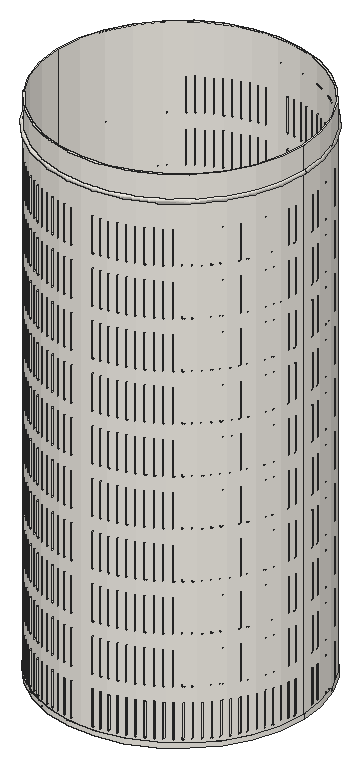
Revit family "Air Terminals_IQA", category Air Terminals, Revit 2017
Family settings
  Round Connector Dimension = Use Diameter
  Part Type = Normal
  Work Plane-Based = No
  Always vertical = Yes
  Cut with Voids When Loaded = No
  Shared = No
  Room Calculation Point = No
Parameters (values of type "IQA_DN 630")
  ∆p (Pa) = if(DN = 1, "12/27/56", if(DN = 2, "14/30/58", if(DN = 3, "14/31/61", if(DN = 4, "15/32/62", if(DN = 5, "14/31/63", if(DN = 6, "14/32/63", if(DN = 7, "13/31/63", "13/31/65")))))))  # "13/31/65"
  Void 9 = yes
  Void 8 = yes
  Void 10 = yes
  Maß ØD = if(DN = 1, 248.0 mm, if(DN = 2, 313.0 mm, if(DN = 3, 353.0 mm, if(DN = 4, 398.0 mm, if(DN = 5, 448.0 mm, if(DN = 6, 498.0 mm, if(DN = 7, 558.0 mm, 628.0 mm)))))))  # 628.0 mm
  Vo (m3/h) = if(DN = 1, "620/930/1350", if(DN = 2, "1050/1550/2150", if(DN = 3, "1350/2000/2800", if(DN = 4, "1700/2500/3500", if(DN = 5, "2100/3100/4400", if(DN = 6, "2650/4000/5600", if(DN = 7, "3300/5000/7100", "4100/6400/9200")))))))  # "4100/6400/9200"
  Void 7 = yes
  vert. Eindringt. ymax (m) = if(DN = 1, "3.5/4.9/6.6", if(DN = 2, "4.7/6.5/8.6", if(DN = 3, "5.5/7.5/9.9", if(DN = 4, "6.3/8.6/11.4", if(DN = 5, "7.0/9.7/13.0", if(DN = 6, "7.9/11.0/14.6", if(DN = 7, "8.8/12.3/16.5", "9.7/14.0/18.9")))))))  # "9.7/14.0/18.9"
  Min Flow = 0.0 L/s
  Maß A = if(DN = 1, 841.5 mm, if(DN = 2, 841.5 mm, if(DN = 3, 1027.5 mm, if(DN = 4, 1027.5 mm, if(DN = 5, 1027.5 mm, if(DN = 6, 1306.5 mm, if(DN = 7, 1306.5 mm, 1306.5 mm)))))))  # 1306.5 mm
  Max Flow = 0.0 L/s
  Material [instance] = "Aluminium"  # constant formula
  Masse (kg) = "0"
  Lwa (dB(A)) = if(DN = 1, "35/45/55", if(DN = 2, "35/45/55", if(DN = 3, "35/45/55", if(DN = 4, "35/45/55", if(DN = 5, "35/45/55", if(DN = 6, "35/45/55", if(DN = 7, "35/45/55", "35/45/55")))))))  # "35/45/55"
  hori. Wurfw. xhor (m) = if(DN = 1, "0.8/0.9/1.1", if(DN = 2, "1.3/1.6/1.8", if(DN = 3, "1.7/2.0/2.3", if(DN = 4, "2.3/2.6/3.0", if(DN = 5, "2.9/3.4/3.9", if(DN = 6, "3.6/4.3/4.9", if(DN = 7, "4.6/5.4/6.2", "5.8/6.9/8.0")))))))  # "5.8/6.9/8.0"
  H_Assembly = if(DN = 1, 540.0 mm, if(DN = 2, 540.0 mm, if(DN = 3, 660.0 mm, if(DN = 4, 660.0 mm, if(DN = 5, 660.0 mm, if(DN = 6, 900.0 mm, if(DN = 7, 900.0 mm, 900.0 mm)))))))  # 900.0 mm
  DN = 8
  Color [instance] = RAL 9010
  Array radial = 24
Reference planes
  plane 1 "Center (Front/Back)": y = 0
  plane 2: z = 0
  plane 3 "Center (Left/Right)": x = 0
  plane 4: z = 1306.5
Dimensions and locks
  "Maß A": plane 4 to level
Nested families
  nested 1: "Void 1" at (0, 0, 0), type "Void 1", detail levels fine
    with Maß ØD-4 622.0 mm, Maß ØD 628.0 mm, Maß A 1306.5 mm, Array radial 24
  nested 2: "Void 2" at (0, 0, 0), type "Void 2", detail levels fine
    with Maß A 1306.5 mm
  nested 3: "Void 3" at (0, 0, 0), type "Void 3", detail levels fine
    with Maß A 1306.5 mm
  nested 4: "Void 4" at (0, 0, 0), type "Void 4", detail levels fine
    with Maß ØD-4 622.0 mm, Maß ØD 628.0 mm, Maß A 1306.5 mm, Array radial 24
  nested 5: "Void 5" at (0, 0, 0), type "Void 5", detail levels fine
    with Maß ØD-4 622.0 mm, Maß ØD 628.0 mm, Maß A 1306.5 mm, Array radial 24
  nested 6: "Void 6" at (0, 0, 0), type "Void 6", detail levels fine
    with Maß ØD-4 622.0 mm, Maß ØD 628.0 mm, Maß A 1306.5 mm, Array radial 24
  nested 7: "Void 7" at (0, 0, 0), visible <- "Void 7", type "Void 7"
    with Void 7 yes, Maß ØD-4 622.0 mm, Maß ØD 628.0 mm, Maß A 1306.5 mm, Array radial 24
  nested 8: "Void 8" at (0, 0, 0), visible <- "Void 8", type "Void 8"
    with Void 8 yes, Maß ØD-4 622.0 mm, Maß ØD 628.0 mm, Maß A 1306.5 mm, Array radial 24
  nested 9: "L_up_down" at (0, 0, 0), type "L_up_down", detail levels fine
    with Maß ØD 628.0 mm, Maß A 1306.5 mm
  nested 10: "C_center" at (0, 0, 0), type "C_center", detail levels fine
    with Maß ØD-6 622.0 mm, Maß ØD 628.0 mm, Maß A 1306.5 mm
  nested 11: "Medium_1" at (0, 0, 0), type "Medium_1", detail levels coarse+medium
    with Maß ØD-4 622.0 mm, Maß ØD 628.0 mm, Maß A 1306.5 mm
  nested 12: "Void 9" at (0, 0, 0), visible <- "Void 9", type "Void 9"
    with Void 9 yes, Maß ØD-4 622.0 mm, Maß ØD 628.0 mm, Array radial 24
  nested 13: "Void 10" at (0, 0, 0), visible <- "Void 10", type "Void 10"
    with Void 10 yes, Maß ØD-4 622.0 mm, Maß ØD 628.0 mm, Array radial 24
  nested 14: "Assembly up" at (0, 0, 0), type "Assembly up"
    with d 900.0 mm, Maß ØD+6 634.0 mm, Maß ØD 628.0 mm, Maß A 1306.5 mm
Connectors
  hvac at (0, 0, 1306.5), driven by "Maß ØD"
    settings: on nested 1, index 1, duct flow 0.0 L/s, flow factor 0, pres drop 0.0 Pa, loss coef 0, conn angle 0.00°, conn width 304.8 mm, conn height 304.8 mm, conn diameter 628 mm, duct sys type 1, conn prof type 0, flow config 1, flow direction 1, loss method 0, conn ref index -1, conn util no, is conn primary yes, conn desc ""
Definition of nested family "Void 1"
  Parameters (values of type "Void 1")
    Maß ØD-4 = Maß ØD - 6.0 mm  # 242.0 mm
    Maß ØD = 248.0 mm
    Maß A = 1059.5 mm
    Array radial = 14
  Reference planes
    plane 1 "Center (Front/Back)": y = 0
    plane 2: z = 0
    plane 3 "Center (Left/Right)": x = 0
    plane 4: z = 1059.5
  Forms (mm)
    Extrusion 1, solid
      sketch origin (0, 0, 0) x (1, 0, 0) y (0, 1, 0)
        loop
          circle (0, 0) r 124
        loop
          circle (0, 0) r 121
      from 0 to 1059.5
    Extrusion 2, void
      sketch origin (0, -0.004, 0) x (0.996195, -0.087156, 0) y (0, 0, 1)
        loop
          arc (2.5, 100) -> (0, 102.5) -> (-2.5, 100) r 2.5
          line (-2.5, 100) -> (-2.5, 20)
          arc (-2.5, 20) -> (0, 17.5) -> (2.5, 20) r 2.5
          line (2.5, 20) -> (2.5, 100)
      from -319.154 to 326.21
    Extrusion 3, void
      sketch origin (-0.004, 0, 0) x (0.087156, -0.996195, 0) y (0, 0, 1)
        loop
          arc (2.5, 100) -> (0, 102.5) -> (-2.5, 100) r 2.5
          line (-2.5, 100) -> (-2.5, 20)
          arc (-2.5, 20) -> (0, 17.5) -> (2.5, 20) r 2.5
          line (2.5, 20) -> (2.5, 100)
      from -319.154 to 326.21
    Extrusion 4, void
      sketch origin (-0.001, -0.004, 0) x (0.981111, -0.193444, 0) y (0, 0, 1)
        loop
          arc (2.5, 100) -> (0, 102.5) -> (-2.5, 100) r 2.5
          line (-2.5, 100) -> (-2.5, 20)
          arc (-2.5, 20) -> (0, 17.5) -> (2.5, 20) r 2.5
          line (2.5, 20) -> (2.5, 100)
      from -319.154 to 326.21
    Extrusion 5, void
      sketch origin (-0.001, -0.004, 0) x (0.954721, -0.297503, 0) y (0, 0, 1)
        loop
          arc (2.5, 100) -> (0, 102.5) -> (-2.5, 100) r 2.5
          line (-2.5, 100) -> (-2.5, 20)
          arc (-2.5, 20) -> (0, 17.5) -> (2.5, 20) r 2.5
          line (2.5, 20) -> (2.5, 100)
      from -319.154 to 326.21
    Extrusion 6, void
      sketch origin (-0.002, -0.004, 0) x (0.917328, -0.398133, 0) y (0, 0, 1)
        loop
          arc (2.5, 100) -> (0, 102.5) -> (-2.5, 100) r 2.5
          line (-2.5, 100) -> (-2.5, 20)
          arc (-2.5, 20) -> (0, 17.5) -> (2.5, 20) r 2.5
          line (2.5, 20) -> (2.5, 100)
      from -319.154 to 326.21
    Extrusion 7, void
      sketch origin (-0.002, -0.004, 0) x (0.869362, -0.494175, 0) y (0, 0, 1)
        loop
          arc (2.5, 100) -> (0, 102.5) -> (-2.5, 100) r 2.5
          line (-2.5, 100) -> (-2.5, 20)
          arc (-2.5, 20) -> (0, 17.5) -> (2.5, 20) r 2.5
          line (2.5, 20) -> (2.5, 100)
      from -319.154 to 326.21
    Extrusion 8, void
      sketch origin (-0.002, -0.003, 0) x (0.811378, -0.584522, 0) y (0, 0, 1)
        loop
          arc (2.5, 100) -> (0, 102.5) -> (-2.5, 100) r 2.5
          line (-2.5, 100) -> (-2.5, 20)
          arc (-2.5, 20) -> (0, 17.5) -> (2.5, 20) r 2.5
          line (2.5, 20) -> (2.5, 100)
      from -319.154 to 326.21
    Extrusion 9, void
      sketch origin (-0.003, -0.003, 0) x (0.744043, -0.668132, 0) y (0, 0, 1)
        loop
          arc (2.5, 100) -> (0, 102.5) -> (-2.5, 100) r 2.5
          line (-2.5, 100) -> (-2.5, 20)
          arc (-2.5, 20) -> (0, 17.5) -> (2.5, 20) r 2.5
          line (2.5, 20) -> (2.5, 100)
      from -319.154 to 326.21
    Extrusion 10, void
      sketch origin (-0.003, -0.003, 0) x (0.668132, -0.744043, 0) y (0, 0, 1)
        loop
          arc (2.5, 100) -> (0, 102.5) -> (-2.5, 100) r 2.5
          line (-2.5, 100) -> (-2.5, 20)
          arc (-2.5, 20) -> (0, 17.5) -> (2.5, 20) r 2.5
          line (2.5, 20) -> (2.5, 100)
      from -319.154 to 326.21
    Extrusion 11, void
      sketch origin (-0.003, -0.002, 0) x (0.584522, -0.811378, 0) y (0, 0, 1)
        loop
          arc (2.5, 100) -> (0, 102.5) -> (-2.5, 100) r 2.5
          line (-2.5, 100) -> (-2.5, 20)
          arc (-2.5, 20) -> (0, 17.5) -> (2.5, 20) r 2.5
          line (2.5, 20) -> (2.5, 100)
      from -319.154 to 326.21
    Extrusion 12, void
      sketch origin (-0.004, -0.002, 0) x (0.494175, -0.869362, 0) y (0, 0, 1)
        loop
          arc (2.5, 100) -> (0, 102.5) -> (-2.5, 100) r 2.5
          line (-2.5, 100) -> (-2.5, 20)
          arc (-2.5, 20) -> (0, 17.5) -> (2.5, 20) r 2.5
          line (2.5, 20) -> (2.5, 100)
      from -319.154 to 326.21
    Extrusion 13, void
      sketch origin (-0.004, -0.002, 0) x (0.398133, -0.917328, 0) y (0, 0, 1)
        loop
          arc (2.5, 100) -> (0, 102.5) -> (-2.5, 100) r 2.5
          line (-2.5, 100) -> (-2.5, 20)
          arc (-2.5, 20) -> (0, 17.5) -> (2.5, 20) r 2.5
          line (2.5, 20) -> (2.5, 100)
      from -319.154 to 326.21
    Extrusion 14, void
      sketch origin (-0.004, -0.001, 0) x (0.297503, -0.954721, 0) y (0, 0, 1)
        loop
          arc (2.5, 100) -> (0, 102.5) -> (-2.5, 100) r 2.5
          line (-2.5, 100) -> (-2.5, 20)
          arc (-2.5, 20) -> (0, 17.5) -> (2.5, 20) r 2.5
          line (2.5, 20) -> (2.5, 100)
      from -319.154 to 326.21
    Extrusion 15, void
      sketch origin (-0.004, -0.001, 0) x (0.193444, -0.981111, 0) y (0, 0, 1)
        loop
          arc (2.5, 100) -> (0, 102.5) -> (-2.5, 100) r 2.5
          line (-2.5, 100) -> (-2.5, 20)
          arc (-2.5, 20) -> (0, 17.5) -> (2.5, 20) r 2.5
          line (2.5, 20) -> (2.5, 100)
      from -319.154 to 326.21
    Extrusion 16, void, not visible
      sketch origin (0, -0.004, 0) x (0.996195, -0.087156, 0) y (0, 0, 1)
        loop
          arc (2.5, 100) -> (0, 102.5) -> (-2.5, 100) r 2.5
          line (-2.5, 100) -> (-2.5, 20)
          arc (-2.5, 20) -> (0, 17.5) -> (2.5, 20) r 2.5
          line (2.5, 20) -> (2.5, 100)
      from -319.154 to 326.21
    Extrusion 17, void
      sketch origin (0, -0.004, 0) x (0.996195, 0.087156, 0) y (0, 0, 1)
        loop
          arc (2.5, 100) -> (0, 102.5) -> (-2.5, 100) r 2.5
          line (-2.5, 100) -> (-2.5, 20)
          arc (-2.5, 20) -> (0, 17.5) -> (2.5, 20) r 2.5
          line (2.5, 20) -> (2.5, 100)
      from -319.154 to 326.21
    Extrusion 18, void
      sketch origin (0.004, 0, 0) x (0.087156, 0.996195, 0) y (0, 0, 1)
        loop
          arc (2.5, 100) -> (0, 102.5) -> (-2.5, 100) r 2.5
          line (-2.5, 100) -> (-2.5, 20)
          arc (-2.5, 20) -> (0, 17.5) -> (2.5, 20) r 2.5
          line (2.5, 20) -> (2.5, 100)
      from -319.154 to 326.21
    Extrusion 19, void
      sketch origin (0.001, -0.004, 0) x (0.981111, 0.193444, 0) y (0, 0, 1)
        loop
          arc (2.5, 100) -> (0, 102.5) -> (-2.5, 100) r 2.5
          line (-2.5, 100) -> (-2.5, 20)
          arc (-2.5, 20) -> (0, 17.5) -> (2.5, 20) r 2.5
          line (2.5, 20) -> (2.5, 100)
      from -319.154 to 326.21
    Extrusion 20, void
      sketch origin (0.001, -0.004, 0) x (0.954721, 0.297503, 0) y (0, 0, 1)
        loop
          arc (2.5, 100) -> (0, 102.5) -> (-2.5, 100) r 2.5
          line (-2.5, 100) -> (-2.5, 20)
          arc (-2.5, 20) -> (0, 17.5) -> (2.5, 20) r 2.5
          line (2.5, 20) -> (2.5, 100)
      from -319.154 to 326.21
    Extrusion 21, void
      sketch origin (0.002, -0.004, 0) x (0.917328, 0.398133, 0) y (0, 0, 1)
        loop
          arc (2.5, 100) -> (0, 102.5) -> (-2.5, 100) r 2.5
          line (-2.5, 100) -> (-2.5, 20)
          arc (-2.5, 20) -> (0, 17.5) -> (2.5, 20) r 2.5
          line (2.5, 20) -> (2.5, 100)
      from -319.154 to 326.21
    Extrusion 22, void
      sketch origin (0.002, -0.004, 0) x (0.869362, 0.494175, 0) y (0, 0, 1)
        loop
          arc (2.5, 100) -> (0, 102.5) -> (-2.5, 100) r 2.5
          line (-2.5, 100) -> (-2.5, 20)
          arc (-2.5, 20) -> (0, 17.5) -> (2.5, 20) r 2.5
          line (2.5, 20) -> (2.5, 100)
      from -319.154 to 326.21
    Extrusion 23, void
      sketch origin (0.002, -0.003, 0) x (0.811378, 0.584522, 0) y (0, 0, 1)
        loop
          arc (2.5, 100) -> (0, 102.5) -> (-2.5, 100) r 2.5
          line (-2.5, 100) -> (-2.5, 20)
          arc (-2.5, 20) -> (0, 17.5) -> (2.5, 20) r 2.5
          line (2.5, 20) -> (2.5, 100)
      from -319.154 to 326.21
    Extrusion 24, void
      sketch origin (0.003, -0.003, 0) x (0.744043, 0.668132, 0) y (0, 0, 1)
        loop
          arc (2.5, 100) -> (0, 102.5) -> (-2.5, 100) r 2.5
          line (-2.5, 100) -> (-2.5, 20)
          arc (-2.5, 20) -> (0, 17.5) -> (2.5, 20) r 2.5
          line (2.5, 20) -> (2.5, 100)
      from -319.154 to 326.21
    Extrusion 25, void
      sketch origin (0.003, -0.003, 0) x (0.668132, 0.744043, 0) y (0, 0, 1)
        loop
          arc (2.5, 100) -> (0, 102.5) -> (-2.5, 100) r 2.5
          line (-2.5, 100) -> (-2.5, 20)
          arc (-2.5, 20) -> (0, 17.5) -> (2.5, 20) r 2.5
          line (2.5, 20) -> (2.5, 100)
      from -319.154 to 326.21
    Extrusion 26, void
      sketch origin (0.003, -0.002, 0) x (0.584522, 0.811378, 0) y (0, 0, 1)
        loop
          arc (2.5, 100) -> (0, 102.5) -> (-2.5, 100) r 2.5
          line (-2.5, 100) -> (-2.5, 20)
          arc (-2.5, 20) -> (0, 17.5) -> (2.5, 20) r 2.5
          line (2.5, 20) -> (2.5, 100)
      from -319.154 to 326.21
    Extrusion 27, void
      sketch origin (0.004, -0.002, 0) x (0.494175, 0.869362, 0) y (0, 0, 1)
        loop
          arc (2.5, 100) -> (0, 102.5) -> (-2.5, 100) r 2.5
          line (-2.5, 100) -> (-2.5, 20)
          arc (-2.5, 20) -> (0, 17.5) -> (2.5, 20) r 2.5
          line (2.5, 20) -> (2.5, 100)
      from -319.154 to 326.21
    Extrusion 28, void
      sketch origin (0.004, -0.002, 0) x (0.398133, 0.917328, 0) y (0, 0, 1)
        loop
          arc (2.5, 100) -> (0, 102.5) -> (-2.5, 100) r 2.5
          line (-2.5, 100) -> (-2.5, 20)
          arc (-2.5, 20) -> (0, 17.5) -> (2.5, 20) r 2.5
          line (2.5, 20) -> (2.5, 100)
      from -319.154 to 326.21
    Extrusion 29, void
      sketch origin (0.004, -0.001, 0) x (0.297503, 0.954721, 0) y (0, 0, 1)
        loop
          arc (2.5, 100) -> (0, 102.5) -> (-2.5, 100) r 2.5
          line (-2.5, 100) -> (-2.5, 20)
          arc (-2.5, 20) -> (0, 17.5) -> (2.5, 20) r 2.5
          line (2.5, 20) -> (2.5, 100)
      from -319.154 to 326.21
    Extrusion 30, void
      sketch origin (0.004, -0.001, 0) x (0.193444, 0.981111, 0) y (0, 0, 1)
        loop
          arc (2.5, 100) -> (0, 102.5) -> (-2.5, 100) r 2.5
          line (-2.5, 100) -> (-2.5, 20)
          arc (-2.5, 20) -> (0, 17.5) -> (2.5, 20) r 2.5
          line (2.5, 20) -> (2.5, 100)
      from -319.154 to 326.21
    Extrusion 31, void, not visible
      sketch origin (0, -0.004, 0) x (0.996195, 0.087156, 0) y (0, 0, 1)
        loop
          arc (2.5, 100) -> (0, 102.5) -> (-2.5, 100) r 2.5
          line (-2.5, 100) -> (-2.5, 20)
          arc (-2.5, 20) -> (0, 17.5) -> (2.5, 20) r 2.5
          line (2.5, 20) -> (2.5, 100)
      from -319.154 to 326.21
  Cuts and joins
    Extrusion 2, Extrusion 3, Extrusion 4, Extrusion 5, Extrusion 6, Extrusion 7, Extrusion 8, Extrusion 9, Extrusion 10, Extrusion 11, Extrusion 12, Extrusion 13, Extrusion 14, Extrusion 15, Extrusion 17, Extrusion 18, Extrusion 19, Extrusion 20, Extrusion 21, Extrusion 22, Extrusion 23, Extrusion 24, Extrusion 25, Extrusion 26, Extrusion 27, Extrusion 28, Extrusion 29, Extrusion 30 cuts Extrusion 1
  Dimensions and locks
    "Maß A": plane 4 to level
    "Maß ØD-4": diameter of Extrusion 1 sketch curve
    "Maß ØD": diameter of Extrusion 1 sketch curve
    aligned and locked: level to plane 2
    aligned and locked: plane 4 to Extrusion 1
  Automatic sketch dimensions
    Extrusion 2 sketch curve to Extrusion 2 sketch curve = 80.0 mm
    Extrusion 2 sketch curve to Extrusion 2 sketch curve = 2.5 mm
    Extrusion 3 sketch curve to Extrusion 3 sketch curve = 80.0 mm
    Extrusion 3 sketch curve to Extrusion 3 sketch curve = 2.5 mm
    Extrusion 4 sketch curve to Extrusion 4 sketch curve = 80.0 mm
    Extrusion 4 sketch curve to Extrusion 4 sketch curve = 2.5 mm
    Extrusion 5 sketch curve to Extrusion 5 sketch curve = 80.0 mm
    Extrusion 5 sketch curve to Extrusion 5 sketch curve = 2.5 mm
    Extrusion 6 sketch curve to Extrusion 6 sketch curve = 80.0 mm
    Extrusion 6 sketch curve to Extrusion 6 sketch curve = 2.5 mm
    Extrusion 7 sketch curve to Extrusion 7 sketch curve = 80.0 mm
    Extrusion 7 sketch curve to Extrusion 7 sketch curve = 2.5 mm
    Extrusion 8 sketch curve to Extrusion 8 sketch curve = 80.0 mm
    Extrusion 8 sketch curve to Extrusion 8 sketch curve = 2.5 mm
    Extrusion 9 sketch curve to Extrusion 9 sketch curve = 80.0 mm
    Extrusion 9 sketch curve to Extrusion 9 sketch curve = 2.5 mm
    Extrusion 10 sketch curve to Extrusion 10 sketch curve = 80.0 mm
    Extrusion 10 sketch curve to Extrusion 10 sketch curve = 2.5 mm
    Extrusion 11 sketch curve to Extrusion 11 sketch curve = 80.0 mm
    Extrusion 11 sketch curve to Extrusion 11 sketch curve = 2.5 mm
    Extrusion 12 sketch curve to Extrusion 12 sketch curve = 80.0 mm
    Extrusion 12 sketch curve to Extrusion 12 sketch curve = 2.5 mm
    Extrusion 13 sketch curve to Extrusion 13 sketch curve = 80.0 mm
    Extrusion 13 sketch curve to Extrusion 13 sketch curve = 2.5 mm
    Extrusion 14 sketch curve to Extrusion 14 sketch curve = 80.0 mm
    Extrusion 14 sketch curve to Extrusion 14 sketch curve = 2.5 mm
    Extrusion 15 sketch curve to Extrusion 15 sketch curve = 80.0 mm
    Extrusion 15 sketch curve to Extrusion 15 sketch curve = 2.5 mm
    Extrusion 16 sketch curve to Extrusion 16 sketch curve = 80.0 mm
    Extrusion 16 sketch curve to Extrusion 16 sketch curve = 2.5 mm
    Extrusion 17 sketch curve to Extrusion 17 sketch curve = 80.0 mm
    Extrusion 17 sketch curve to Extrusion 17 sketch curve = 2.5 mm
    Extrusion 18 sketch curve to Extrusion 18 sketch curve = 80.0 mm
    Extrusion 18 sketch curve to Extrusion 18 sketch curve = 2.5 mm
    Extrusion 19 sketch curve to Extrusion 19 sketch curve = 80.0 mm
    Extrusion 19 sketch curve to Extrusion 19 sketch curve = 2.5 mm
    Extrusion 20 sketch curve to Extrusion 20 sketch curve = 80.0 mm
    Extrusion 20 sketch curve to Extrusion 20 sketch curve = 2.5 mm
    Extrusion 21 sketch curve to Extrusion 21 sketch curve = 80.0 mm
    Extrusion 21 sketch curve to Extrusion 21 sketch curve = 2.5 mm
    Extrusion 22 sketch curve to Extrusion 22 sketch curve = 80.0 mm
    Extrusion 22 sketch curve to Extrusion 22 sketch curve = 2.5 mm
    Extrusion 23 sketch curve to Extrusion 23 sketch curve = 80.0 mm
    Extrusion 23 sketch curve to Extrusion 23 sketch curve = 2.5 mm
    Extrusion 24 sketch curve to Extrusion 24 sketch curve = 80.0 mm
    Extrusion 24 sketch curve to Extrusion 24 sketch curve = 2.5 mm
    Extrusion 25 sketch curve to Extrusion 25 sketch curve = 80.0 mm
    Extrusion 25 sketch curve to Extrusion 25 sketch curve = 2.5 mm
    Extrusion 26 sketch curve to Extrusion 26 sketch curve = 80.0 mm
    Extrusion 26 sketch curve to Extrusion 26 sketch curve = 2.5 mm
    Extrusion 27 sketch curve to Extrusion 27 sketch curve = 80.0 mm
    Extrusion 27 sketch curve to Extrusion 27 sketch curve = 2.5 mm
    Extrusion 28 sketch curve to Extrusion 28 sketch curve = 80.0 mm
    Extrusion 28 sketch curve to Extrusion 28 sketch curve = 2.5 mm
    Extrusion 29 sketch curve to Extrusion 29 sketch curve = 80.0 mm
    Extrusion 29 sketch curve to Extrusion 29 sketch curve = 2.5 mm
    Extrusion 30 sketch curve to Extrusion 30 sketch curve = 80.0 mm
    Extrusion 30 sketch curve to Extrusion 30 sketch curve = 2.5 mm
    Extrusion 31 sketch curve to Extrusion 31 sketch curve = 80.0 mm
    Extrusion 31 sketch curve to Extrusion 31 sketch curve = 2.5 mm
    Extrusion 1 sketch curve to Extrusion 1 sketch curve = 0.0 mm  (x2)
    plane 1 "Center (Front/Back)" to Extrusion 1 sketch curve = 0.0 mm
    Extrusion 1 sketch curve to plane 3 "Center (Left/Right)" = 0.0 mm
Definition of nested family "Void 2"
  Parameters (values of type "Void 2")
    Maß ØD-4 = Maß ØD - 6.0 mm  # 622.0 mm
    Maß ØD = 628.0 mm
    Maß A = 1059.5 mm
    Array radial = 24
  Reference planes
    plane 1 "Center (Front/Back)": y = 0
    plane 2: z = 0
    plane 3 "Center (Left/Right)": x = 0
    plane 4: z = 1059.5
  Forms (mm)
    Extrusion 1, solid
      sketch origin (0, 0, 0) x (1, 0, 0) y (0, 1, 0)
        loop
          circle (0, 0) r 314
        loop
          circle (0, 0) r 311
      from 0 to 1059.5
    Extrusion 2, void
      sketch origin (0, -0.004, 120) x (0.996195, -0.087156, 0) y (0, 0, 1)
        loop
          arc (2.5, 100) -> (0, 102.5) -> (-2.5, 100) r 2.5
          line (-2.5, 100) -> (-2.5, 20)
          arc (-2.5, 20) -> (0, 17.5) -> (2.5, 20) r 2.5
          line (2.5, 20) -> (2.5, 100)
      from -319.154 to 326.21
    Extrusion 3, void
      sketch origin (0, -0.004, 120) x (0.996195, 0.087156, 0) y (0, 0, 1)
        loop
          arc (2.5, 100) -> (0, 102.5) -> (-2.5, 100) r 2.5
          line (-2.5, 100) -> (-2.5, 20)
          arc (-2.5, 20) -> (0, 17.5) -> (2.5, 20) r 2.5
          line (2.5, 20) -> (2.5, 100)
      from -319.154 to 326.21
    Extrusion 4, void
      sketch origin (-0.004, 0, 120) x (0.087156, -0.996195, 0) y (0, 0, 1)
        loop
          arc (2.5, 100) -> (0, 102.5) -> (-2.5, 100) r 2.5
          line (-2.5, 100) -> (-2.5, 20)
          arc (-2.5, 20) -> (0, 17.5) -> (2.5, 20) r 2.5
          line (2.5, 20) -> (2.5, 100)
      from -319.154 to 326.21
    Extrusion 5, void
      sketch origin (-0.001, -0.004, 120) x (0.989072, -0.147434, 0) y (0, 0, 1)
        loop
          arc (2.5, 100) -> (0, 102.5) -> (-2.5, 100) r 2.5
          line (-2.5, 100) -> (-2.5, 20)
          arc (-2.5, 20) -> (0, 17.5) -> (2.5, 20) r 2.5
          line (2.5, 20) -> (2.5, 100)
      from -319.154 to 326.21
    Extrusion 6, void
      sketch origin (-0.001, -0.004, 120) x (0.978305, -0.207169, 0) y (0, 0, 1)
        loop
          arc (2.5, 100) -> (0, 102.5) -> (-2.5, 100) r 2.5
          line (-2.5, 100) -> (-2.5, 20)
          arc (-2.5, 20) -> (0, 17.5) -> (2.5, 20) r 2.5
          line (2.5, 20) -> (2.5, 100)
      from -319.154 to 326.21
    Extrusion 7, void
      sketch origin (-0.001, -0.004, 120) x (0.963934, -0.266141, 0) y (0, 0, 1)
        loop
          arc (2.5, 100) -> (0, 102.5) -> (-2.5, 100) r 2.5
          line (-2.5, 100) -> (-2.5, 20)
          arc (-2.5, 20) -> (0, 17.5) -> (2.5, 20) r 2.5
          line (2.5, 20) -> (2.5, 100)
      from -319.154 to 326.21
    Extrusion 8, void
      sketch origin (-0.001, -0.004, 120) x (0.946012, -0.324133, 0) y (0, 0, 1)
        loop
          arc (2.5, 100) -> (0, 102.5) -> (-2.5, 100) r 2.5
          line (-2.5, 100) -> (-2.5, 20)
          arc (-2.5, 20) -> (0, 17.5) -> (2.5, 20) r 2.5
          line (2.5, 20) -> (2.5, 100)
      from -319.154 to 326.21
    Extrusion 9, void
      sketch origin (-0.002, -0.004, 120) x (0.924604, -0.38093, 0) y (0, 0, 1)
        loop
          arc (2.5, 100) -> (0, 102.5) -> (-2.5, 100) r 2.5
          line (-2.5, 100) -> (-2.5, 20)
          arc (-2.5, 20) -> (0, 17.5) -> (2.5, 20) r 2.5
          line (2.5, 20) -> (2.5, 100)
      from -319.154 to 326.21
    Extrusion 10, void
      sketch origin (-0.002, -0.004, 120) x (0.89979, -0.436324, 0) y (0, 0, 1)
        loop
          arc (2.5, 100) -> (0, 102.5) -> (-2.5, 100) r 2.5
          line (-2.5, 100) -> (-2.5, 20)
          arc (-2.5, 20) -> (0, 17.5) -> (2.5, 20) r 2.5
          line (2.5, 20) -> (2.5, 100)
      from -319.154 to 326.21
    Extrusion 11, void
      sketch origin (-0.002, -0.004, 120) x (0.87166, -0.49011, 0) y (0, 0, 1)
        loop
          arc (2.5, 100) -> (0, 102.5) -> (-2.5, 100) r 2.5
          line (-2.5, 100) -> (-2.5, 20)
          arc (-2.5, 20) -> (0, 17.5) -> (2.5, 20) r 2.5
          line (2.5, 20) -> (2.5, 100)
      from -319.154 to 326.21
    Extrusion 12, void
      sketch origin (-0.002, -0.004, 120) x (0.84032, -0.542091, 0) y (0, 0, 1)
        loop
          arc (2.5, 100) -> (0, 102.5) -> (-2.5, 100) r 2.5
          line (-2.5, 100) -> (-2.5, 20)
          arc (-2.5, 20) -> (0, 17.5) -> (2.5, 20) r 2.5
          line (2.5, 20) -> (2.5, 100)
      from -319.154 to 326.21
    Extrusion 13, void
      sketch origin (-0.003, -0.003, 120) x (0.805883, -0.592074, 0) y (0, 0, 1)
        loop
          arc (2.5, 100) -> (0, 102.5) -> (-2.5, 100) r 2.5
          line (-2.5, 100) -> (-2.5, 20)
          arc (-2.5, 20) -> (0, 17.5) -> (2.5, 20) r 2.5
          line (2.5, 20) -> (2.5, 100)
      from -319.154 to 326.21
    Extrusion 14, void
      sketch origin (-0.003, -0.003, 120) x (0.768478, -0.639876, 0) y (0, 0, 1)
        loop
          arc (2.5, 100) -> (0, 102.5) -> (-2.5, 100) r 2.5
          line (-2.5, 100) -> (-2.5, 20)
          arc (-2.5, 20) -> (0, 17.5) -> (2.5, 20) r 2.5
          line (2.5, 20) -> (2.5, 100)
      from -319.154 to 326.21
    Extrusion 15, void
      sketch origin (-0.003, -0.003, 120) x (0.728241, -0.685321, 0) y (0, 0, 1)
        loop
          arc (2.5, 100) -> (0, 102.5) -> (-2.5, 100) r 2.5
          line (-2.5, 100) -> (-2.5, 20)
          arc (-2.5, 20) -> (0, 17.5) -> (2.5, 20) r 2.5
          line (2.5, 20) -> (2.5, 100)
      from -319.154 to 326.21
    Extrusion 16, void
      sketch origin (-0.003, -0.003, 120) x (0.685321, -0.728241, 0) y (0, 0, 1)
        loop
          arc (2.5, 100) -> (0, 102.5) -> (-2.5, 100) r 2.5
          line (-2.5, 100) -> (-2.5, 20)
          arc (-2.5, 20) -> (0, 17.5) -> (2.5, 20) r 2.5
          line (2.5, 20) -> (2.5, 100)
      from -319.154 to 326.21
    Extrusion 17, void
      sketch origin (0.004, 0, 120) x (0.087156, 0.996195, 0) y (0, 0, 1)
        loop
          arc (2.5, 100) -> (0, 102.5) -> (-2.5, 100) r 2.5
          line (-2.5, 100) -> (-2.5, 20)
          arc (-2.5, 20) -> (0, 17.5) -> (2.5, 20) r 2.5
          line (2.5, 20) -> (2.5, 100)
      from -319.154 to 326.21
    Extrusion 18, void
      sketch origin (0.001, -0.004, 120) x (0.989072, 0.147434, 0) y (0, 0, 1)
        loop
          arc (2.5, 100) -> (0, 102.5) -> (-2.5, 100) r 2.5
          line (-2.5, 100) -> (-2.5, 20)
          arc (-2.5, 20) -> (0, 17.5) -> (2.5, 20) r 2.5
          line (2.5, 20) -> (2.5, 100)
      from -319.154 to 326.21
    Extrusion 19, void
      sketch origin (0.001, -0.004, 120) x (0.978305, 0.207169, 0) y (0, 0, 1)
        loop
          arc (2.5, 100) -> (0, 102.5) -> (-2.5, 100) r 2.5
          line (-2.5, 100) -> (-2.5, 20)
          arc (-2.5, 20) -> (0, 17.5) -> (2.5, 20) r 2.5
          line (2.5, 20) -> (2.5, 100)
      from -319.154 to 326.21
    Extrusion 20, void
      sketch origin (0.001, -0.004, 120) x (0.963934, 0.266141, 0) y (0, 0, 1)
        loop
          arc (2.5, 100) -> (0, 102.5) -> (-2.5, 100) r 2.5
          line (-2.5, 100) -> (-2.5, 20)
          arc (-2.5, 20) -> (0, 17.5) -> (2.5, 20) r 2.5
          line (2.5, 20) -> (2.5, 100)
      from -319.154 to 326.21
    Extrusion 21, void
      sketch origin (0.001, -0.004, 120) x (0.946012, 0.324133, 0) y (0, 0, 1)
        loop
          arc (2.5, 100) -> (0, 102.5) -> (-2.5, 100) r 2.5
          line (-2.5, 100) -> (-2.5, 20)
          arc (-2.5, 20) -> (0, 17.5) -> (2.5, 20) r 2.5
          line (2.5, 20) -> (2.5, 100)
      from -319.154 to 326.21
    Extrusion 22, void
      sketch origin (0.002, -0.004, 120) x (0.924604, 0.38093, 0) y (0, 0, 1)
        loop
          arc (2.5, 100) -> (0, 102.5) -> (-2.5, 100) r 2.5
          line (-2.5, 100) -> (-2.5, 20)
          arc (-2.5, 20) -> (0, 17.5) -> (2.5, 20) r 2.5
          line (2.5, 20) -> (2.5, 100)
      from -319.154 to 326.21
    Extrusion 23, void
      sketch origin (0.002, -0.004, 120) x (0.89979, 0.436324, 0) y (0, 0, 1)
        loop
          arc (2.5, 100) -> (0, 102.5) -> (-2.5, 100) r 2.5
          line (-2.5, 100) -> (-2.5, 20)
          arc (-2.5, 20) -> (0, 17.5) -> (2.5, 20) r 2.5
          line (2.5, 20) -> (2.5, 100)
      from -319.154 to 326.21
    Extrusion 24, void
      sketch origin (0.002, -0.004, 120) x (0.87166, 0.49011, 0) y (0, 0, 1)
        loop
          arc (2.5, 100) -> (0, 102.5) -> (-2.5, 100) r 2.5
          line (-2.5, 100) -> (-2.5, 20)
          arc (-2.5, 20) -> (0, 17.5) -> (2.5, 20) r 2.5
          line (2.5, 20) -> (2.5, 100)
      from -319.154 to 326.21
    Extrusion 25, void
      sketch origin (0.002, -0.004, 120) x (0.84032, 0.542091, 0) y (0, 0, 1)
        loop
          arc (2.5, 100) -> (0, 102.5) -> (-2.5, 100) r 2.5
          line (-2.5, 100) -> (-2.5, 20)
          arc (-2.5, 20) -> (0, 17.5) -> (2.5, 20) r 2.5
          line (2.5, 20) -> (2.5, 100)
      from -319.154 to 326.21
    Extrusion 26, void
      sketch origin (0.003, -0.003, 120) x (0.805883, 0.592074, 0) y (0, 0, 1)
        loop
          arc (2.5, 100) -> (0, 102.5) -> (-2.5, 100) r 2.5
          line (-2.5, 100) -> (-2.5, 20)
          arc (-2.5, 20) -> (0, 17.5) -> (2.5, 20) r 2.5
          line (2.5, 20) -> (2.5, 100)
      from -319.154 to 326.21
    Extrusion 27, void
      sketch origin (0.003, -0.003, 120) x (0.768478, 0.639876, 0) y (0, 0, 1)
        loop
          arc (2.5, 100) -> (0, 102.5) -> (-2.5, 100) r 2.5
          line (-2.5, 100) -> (-2.5, 20)
          arc (-2.5, 20) -> (0, 17.5) -> (2.5, 20) r 2.5
          line (2.5, 20) -> (2.5, 100)
      from -319.154 to 326.21
    Extrusion 28, void
      sketch origin (0.003, -0.003, 120) x (0.728241, 0.685321, 0) y (0, 0, 1)
        loop
          arc (2.5, 100) -> (0, 102.5) -> (-2.5, 100) r 2.5
          line (-2.5, 100) -> (-2.5, 20)
          arc (-2.5, 20) -> (0, 17.5) -> (2.5, 20) r 2.5
          line (2.5, 20) -> (2.5, 100)
      from -319.154 to 326.21
    Extrusion 29, void
      sketch origin (0.003, -0.003, 120) x (0.685321, 0.728241, 0) y (0, 0, 1)
        loop
          arc (2.5, 100) -> (0, 102.5) -> (-2.5, 100) r 2.5
          line (-2.5, 100) -> (-2.5, 20)
          arc (-2.5, 20) -> (0, 17.5) -> (2.5, 20) r 2.5
          line (2.5, 20) -> (2.5, 100)
      from -319.154 to 326.21
    Extrusion 30, void
      sketch origin (-0.003, -0.003, 120) x (0.639876, -0.768478, 0) y (0, 0, 1)
        loop
          arc (2.5, 100) -> (0, 102.5) -> (-2.5, 100) r 2.5
          line (-2.5, 100) -> (-2.5, 20)
          arc (-2.5, 20) -> (0, 17.5) -> (2.5, 20) r 2.5
          line (2.5, 20) -> (2.5, 100)
      from -319.154 to 326.21
    Extrusion 31, void
      sketch origin (-0.003, -0.003, 120) x (0.592074, -0.805883, 0) y (0, 0, 1)
        loop
          arc (2.5, 100) -> (0, 102.5) -> (-2.5, 100) r 2.5
          line (-2.5, 100) -> (-2.5, 20)
          arc (-2.5, 20) -> (0, 17.5) -> (2.5, 20) r 2.5
          line (2.5, 20) -> (2.5, 100)
      from -319.154 to 326.21
    Extrusion 32, void
      sketch origin (-0.004, -0.002, 120) x (0.542091, -0.84032, 0) y (0, 0, 1)
        loop
          arc (2.5, 100) -> (0, 102.5) -> (-2.5, 100) r 2.5
          line (-2.5, 100) -> (-2.5, 20)
          arc (-2.5, 20) -> (0, 17.5) -> (2.5, 20) r 2.5
          line (2.5, 20) -> (2.5, 100)
      from -319.154 to 326.21
    Extrusion 33, void
      sketch origin (-0.004, -0.002, 120) x (0.49011, -0.87166, 0) y (0, 0, 1)
        loop
          arc (2.5, 100) -> (0, 102.5) -> (-2.5, 100) r 2.5
          line (-2.5, 100) -> (-2.5, 20)
          arc (-2.5, 20) -> (0, 17.5) -> (2.5, 20) r 2.5
          line (2.5, 20) -> (2.5, 100)
      from -319.154 to 326.21
    Extrusion 34, void
      sketch origin (-0.004, -0.002, 120) x (0.436324, -0.89979, 0) y (0, 0, 1)
        loop
          arc (2.5, 100) -> (0, 102.5) -> (-2.5, 100) r 2.5
          line (-2.5, 100) -> (-2.5, 20)
          arc (-2.5, 20) -> (0, 17.5) -> (2.5, 20) r 2.5
          line (2.5, 20) -> (2.5, 100)
      from -319.154 to 326.21
    Extrusion 35, void
      sketch origin (-0.004, -0.002, 120) x (0.38093, -0.924604, 0) y (0, 0, 1)
        loop
          arc (2.5, 100) -> (0, 102.5) -> (-2.5, 100) r 2.5
          line (-2.5, 100) -> (-2.5, 20)
          arc (-2.5, 20) -> (0, 17.5) -> (2.5, 20) r 2.5
          line (2.5, 20) -> (2.5, 100)
      from -319.154 to 326.21
    Extrusion 36, void
      sketch origin (-0.004, -0.001, 120) x (0.324133, -0.946012, 0) y (0, 0, 1)
        loop
          arc (2.5, 100) -> (0, 102.5) -> (-2.5, 100) r 2.5
          line (-2.5, 100) -> (-2.5, 20)
          arc (-2.5, 20) -> (0, 17.5) -> (2.5, 20) r 2.5
          line (2.5, 20) -> (2.5, 100)
      from -319.154 to 326.21
    Extrusion 37, void
      sketch origin (-0.004, -0.001, 120) x (0.266141, -0.963934, 0) y (0, 0, 1)
        loop
          arc (2.5, 100) -> (0, 102.5) -> (-2.5, 100) r 2.5
          line (-2.5, 100) -> (-2.5, 20)
          arc (-2.5, 20) -> (0, 17.5) -> (2.5, 20) r 2.5
          line (2.5, 20) -> (2.5, 100)
      from -319.154 to 326.21
    Extrusion 38, void
      sketch origin (-0.004, -0.001, 120) x (0.207169, -0.978305, 0) y (0, 0, 1)
        loop
          arc (2.5, 100) -> (0, 102.5) -> (-2.5, 100) r 2.5
          line (-2.5, 100) -> (-2.5, 20)
          arc (-2.5, 20) -> (0, 17.5) -> (2.5, 20) r 2.5
          line (2.5, 20) -> (2.5, 100)
      from -319.154 to 326.21
    Extrusion 39, void
      sketch origin (-0.004, -0.001, 120) x (0.147434, -0.989072, 0) y (0, 0, 1)
        loop
          arc (2.5, 100) -> (0, 102.5) -> (-2.5, 100) r 2.5
          line (-2.5, 100) -> (-2.5, 20)
          arc (-2.5, 20) -> (0, 17.5) -> (2.5, 20) r 2.5
          line (2.5, 20) -> (2.5, 100)
      from -319.154 to 326.21
    Extrusion 40, void
      sketch origin (0.003, -0.003, 120) x (0.639876, 0.768478, 0) y (0, 0, 1)
        loop
          arc (2.5, 100) -> (0, 102.5) -> (-2.5, 100) r 2.5
          line (-2.5, 100) -> (-2.5, 20)
          arc (-2.5, 20) -> (0, 17.5) -> (2.5, 20) r 2.5
          line (2.5, 20) -> (2.5, 100)
      from -319.154 to 326.21
    Extrusion 41, void
      sketch origin (0.003, -0.003, 120) x (0.592074, 0.805883, 0) y (0, 0, 1)
        loop
          arc (2.5, 100) -> (0, 102.5) -> (-2.5, 100) r 2.5
          line (-2.5, 100) -> (-2.5, 20)
          arc (-2.5, 20) -> (0, 17.5) -> (2.5, 20) r 2.5
          line (2.5, 20) -> (2.5, 100)
      from -319.154 to 326.21
    Extrusion 42, void
      sketch origin (0.004, -0.002, 120) x (0.542091, 0.84032, 0) y (0, 0, 1)
        loop
          arc (2.5, 100) -> (0, 102.5) -> (-2.5, 100) r 2.5
          line (-2.5, 100) -> (-2.5, 20)
          arc (-2.5, 20) -> (0, 17.5) -> (2.5, 20) r 2.5
          line (2.5, 20) -> (2.5, 100)
      from -319.154 to 326.21
    Extrusion 43, void
      sketch origin (0.004, -0.002, 120) x (0.49011, 0.87166, 0) y (0, 0, 1)
        loop
          arc (2.5, 100) -> (0, 102.5) -> (-2.5, 100) r 2.5
          line (-2.5, 100) -> (-2.5, 20)
          arc (-2.5, 20) -> (0, 17.5) -> (2.5, 20) r 2.5
          line (2.5, 20) -> (2.5, 100)
      from -319.154 to 326.21
    Extrusion 44, void
      sketch origin (0.004, -0.002, 120) x (0.436324, 0.89979, 0) y (0, 0, 1)
        loop
          arc (2.5, 100) -> (0, 102.5) -> (-2.5, 100) r 2.5
          line (-2.5, 100) -> (-2.5, 20)
          arc (-2.5, 20) -> (0, 17.5) -> (2.5, 20) r 2.5
          line (2.5, 20) -> (2.5, 100)
      from -319.154 to 326.21
    Extrusion 45, void
      sketch origin (0.004, -0.002, 120) x (0.38093, 0.924604, 0) y (0, 0, 1)
        loop
          arc (2.5, 100) -> (0, 102.5) -> (-2.5, 100) r 2.5
          line (-2.5, 100) -> (-2.5, 20)
          arc (-2.5, 20) -> (0, 17.5) -> (2.5, 20) r 2.5
          line (2.5, 20) -> (2.5, 100)
      from -319.154 to 326.21
    Extrusion 46, void
      sketch origin (0.004, -0.001, 120) x (0.324133, 0.946012, 0) y (0, 0, 1)
        loop
          arc (2.5, 100) -> (0, 102.5) -> (-2.5, 100) r 2.5
          line (-2.5, 100) -> (-2.5, 20)
          arc (-2.5, 20) -> (0, 17.5) -> (2.5, 20) r 2.5
          line (2.5, 20) -> (2.5, 100)
      from -319.154 to 326.21
    Extrusion 47, void
      sketch origin (0.004, -0.001, 120) x (0.266141, 0.963934, 0) y (0, 0, 1)
        loop
          arc (2.5, 100) -> (0, 102.5) -> (-2.5, 100) r 2.5
          line (-2.5, 100) -> (-2.5, 20)
          arc (-2.5, 20) -> (0, 17.5) -> (2.5, 20) r 2.5
          line (2.5, 20) -> (2.5, 100)
      from -319.154 to 326.21
    Extrusion 48, void
      sketch origin (0.004, -0.001, 120) x (0.207169, 0.978305, 0) y (0, 0, 1)
        loop
          arc (2.5, 100) -> (0, 102.5) -> (-2.5, 100) r 2.5
          line (-2.5, 100) -> (-2.5, 20)
          arc (-2.5, 20) -> (0, 17.5) -> (2.5, 20) r 2.5
          line (2.5, 20) -> (2.5, 100)
      from -319.154 to 326.21
    Extrusion 49, void
      sketch origin (0.004, -0.001, 120) x (0.147434, 0.989072, 0) y (0, 0, 1)
        loop
          arc (2.5, 100) -> (0, 102.5) -> (-2.5, 100) r 2.5
          line (-2.5, 100) -> (-2.5, 20)
          arc (-2.5, 20) -> (0, 17.5) -> (2.5, 20) r 2.5
          line (2.5, 20) -> (2.5, 100)
      from -319.154 to 326.21
  Cuts and joins
    Extrusion 2, Extrusion 3, Extrusion 4, Extrusion 5, Extrusion 6, Extrusion 7, Extrusion 8, Extrusion 9, Extrusion 10, Extrusion 11, Extrusion 12, Extrusion 13, Extrusion 14, Extrusion 15, Extrusion 16, Extrusion 17, Extrusion 18, Extrusion 19, Extrusion 20, Extrusion 21, Extrusion 22, Extrusion 23, Extrusion 24, Extrusion 25, Extrusion 26, Extrusion 27, Extrusion 28, Extrusion 29, Extrusion 30, Extrusion 31, Extrusion 32, Extrusion 33, Extrusion 34, Extrusion 35, Extrusion 36, Extrusion 37, Extrusion 38, Extrusion 39, Extrusion 40, Extrusion 41, Extrusion 42, Extrusion 43, Extrusion 44, Extrusion 45, Extrusion 46, Extrusion 47, Extrusion 48, Extrusion 49 cuts Extrusion 1
  Dimensions and locks
    "Maß A": plane 4 to level
    "Maß ØD-4": diameter of Extrusion 1 sketch curve
    "Maß ØD": diameter of Extrusion 1 sketch curve
    aligned and locked: level to plane 2
    aligned and locked: plane 4 to Extrusion 1
  Automatic sketch dimensions
    Extrusion 2 sketch curve to Extrusion 2 sketch curve = 2.5 mm
    Extrusion 2 sketch curve to Extrusion 2 sketch curve = 80.0 mm
    Extrusion 3 sketch curve to Extrusion 3 sketch curve = 2.5 mm
    Extrusion 3 sketch curve to Extrusion 3 sketch curve = 80.0 mm
    Extrusion 4 sketch curve to Extrusion 4 sketch curve = 2.5 mm
    Extrusion 4 sketch curve to Extrusion 4 sketch curve = 80.0 mm
    Extrusion 5 sketch curve to Extrusion 5 sketch curve = 2.5 mm
    Extrusion 5 sketch curve to Extrusion 5 sketch curve = 80.0 mm
    Extrusion 6 sketch curve to Extrusion 6 sketch curve = 2.5 mm
    Extrusion 6 sketch curve to Extrusion 6 sketch curve = 80.0 mm
    Extrusion 7 sketch curve to Extrusion 7 sketch curve = 2.5 mm
    Extrusion 7 sketch curve to Extrusion 7 sketch curve = 80.0 mm
    Extrusion 8 sketch curve to Extrusion 8 sketch curve = 2.5 mm
    Extrusion 8 sketch curve to Extrusion 8 sketch curve = 80.0 mm
    Extrusion 9 sketch curve to Extrusion 9 sketch curve = 2.5 mm
    Extrusion 9 sketch curve to Extrusion 9 sketch curve = 80.0 mm
    Extrusion 10 sketch curve to Extrusion 10 sketch curve = 2.5 mm
    Extrusion 10 sketch curve to Extrusion 10 sketch curve = 80.0 mm
    Extrusion 11 sketch curve to Extrusion 11 sketch curve = 2.5 mm
    Extrusion 11 sketch curve to Extrusion 11 sketch curve = 80.0 mm
    Extrusion 12 sketch curve to Extrusion 12 sketch curve = 2.5 mm
    Extrusion 12 sketch curve to Extrusion 12 sketch curve = 80.0 mm
    Extrusion 13 sketch curve to Extrusion 13 sketch curve = 2.5 mm
    Extrusion 13 sketch curve to Extrusion 13 sketch curve = 80.0 mm
    Extrusion 14 sketch curve to Extrusion 14 sketch curve = 2.5 mm
    Extrusion 14 sketch curve to Extrusion 14 sketch curve = 80.0 mm
    Extrusion 15 sketch curve to Extrusion 15 sketch curve = 2.5 mm
    Extrusion 15 sketch curve to Extrusion 15 sketch curve = 80.0 mm
    Extrusion 16 sketch curve to Extrusion 16 sketch curve = 2.5 mm
    Extrusion 16 sketch curve to Extrusion 16 sketch curve = 80.0 mm
    Extrusion 17 sketch curve to Extrusion 17 sketch curve = 2.5 mm
    Extrusion 17 sketch curve to Extrusion 17 sketch curve = 80.0 mm
    Extrusion 18 sketch curve to Extrusion 18 sketch curve = 2.5 mm
    Extrusion 18 sketch curve to Extrusion 18 sketch curve = 80.0 mm
    Extrusion 19 sketch curve to Extrusion 19 sketch curve = 2.5 mm
    Extrusion 19 sketch curve to Extrusion 19 sketch curve = 80.0 mm
    Extrusion 20 sketch curve to Extrusion 20 sketch curve = 2.5 mm
    Extrusion 20 sketch curve to Extrusion 20 sketch curve = 80.0 mm
    Extrusion 21 sketch curve to Extrusion 21 sketch curve = 2.5 mm
    Extrusion 21 sketch curve to Extrusion 21 sketch curve = 80.0 mm
    Extrusion 22 sketch curve to Extrusion 22 sketch curve = 2.5 mm
    Extrusion 22 sketch curve to Extrusion 22 sketch curve = 80.0 mm
    Extrusion 23 sketch curve to Extrusion 23 sketch curve = 2.5 mm
    Extrusion 23 sketch curve to Extrusion 23 sketch curve = 80.0 mm
    Extrusion 24 sketch curve to Extrusion 24 sketch curve = 2.5 mm
    Extrusion 24 sketch curve to Extrusion 24 sketch curve = 80.0 mm
    Extrusion 25 sketch curve to Extrusion 25 sketch curve = 2.5 mm
    Extrusion 25 sketch curve to Extrusion 25 sketch curve = 80.0 mm
    Extrusion 26 sketch curve to Extrusion 26 sketch curve = 2.5 mm
    Extrusion 26 sketch curve to Extrusion 26 sketch curve = 80.0 mm
    Extrusion 27 sketch curve to Extrusion 27 sketch curve = 2.5 mm
    Extrusion 27 sketch curve to Extrusion 27 sketch curve = 80.0 mm
    Extrusion 28 sketch curve to Extrusion 28 sketch curve = 2.5 mm
    Extrusion 28 sketch curve to Extrusion 28 sketch curve = 80.0 mm
    Extrusion 29 sketch curve to Extrusion 29 sketch curve = 2.5 mm
    Extrusion 29 sketch curve to Extrusion 29 sketch curve = 80.0 mm
    Extrusion 30 sketch curve to Extrusion 30 sketch curve = 2.5 mm
    Extrusion 30 sketch curve to Extrusion 30 sketch curve = 80.0 mm
    Extrusion 31 sketch curve to Extrusion 31 sketch curve = 2.5 mm
    Extrusion 31 sketch curve to Extrusion 31 sketch curve = 80.0 mm
    Extrusion 32 sketch curve to Extrusion 32 sketch curve = 2.5 mm
    Extrusion 32 sketch curve to Extrusion 32 sketch curve = 80.0 mm
    Extrusion 33 sketch curve to Extrusion 33 sketch curve = 2.5 mm
    Extrusion 33 sketch curve to Extrusion 33 sketch curve = 80.0 mm
    Extrusion 34 sketch curve to Extrusion 34 sketch curve = 2.5 mm
    Extrusion 34 sketch curve to Extrusion 34 sketch curve = 80.0 mm
    Extrusion 35 sketch curve to Extrusion 35 sketch curve = 2.5 mm
    Extrusion 35 sketch curve to Extrusion 35 sketch curve = 80.0 mm
    Extrusion 36 sketch curve to Extrusion 36 sketch curve = 2.5 mm
    Extrusion 36 sketch curve to Extrusion 36 sketch curve = 80.0 mm
    Extrusion 37 sketch curve to Extrusion 37 sketch curve = 2.5 mm
    Extrusion 37 sketch curve to Extrusion 37 sketch curve = 80.0 mm
    Extrusion 38 sketch curve to Extrusion 38 sketch curve = 2.5 mm
    Extrusion 38 sketch curve to Extrusion 38 sketch curve = 80.0 mm
    Extrusion 39 sketch curve to Extrusion 39 sketch curve = 2.5 mm
    Extrusion 39 sketch curve to Extrusion 39 sketch curve = 80.0 mm
    Extrusion 40 sketch curve to Extrusion 40 sketch curve = 2.5 mm
    Extrusion 40 sketch curve to Extrusion 40 sketch curve = 80.0 mm
    Extrusion 41 sketch curve to Extrusion 41 sketch curve = 2.5 mm
    Extrusion 41 sketch curve to Extrusion 41 sketch curve = 80.0 mm
    Extrusion 42 sketch curve to Extrusion 42 sketch curve = 2.5 mm
    Extrusion 42 sketch curve to Extrusion 42 sketch curve = 80.0 mm
    Extrusion 43 sketch curve to Extrusion 43 sketch curve = 2.5 mm
    Extrusion 43 sketch curve to Extrusion 43 sketch curve = 80.0 mm
    Extrusion 44 sketch curve to Extrusion 44 sketch curve = 2.5 mm
    Extrusion 44 sketch curve to Extrusion 44 sketch curve = 80.0 mm
    Extrusion 45 sketch curve to Extrusion 45 sketch curve = 2.5 mm
    Extrusion 45 sketch curve to Extrusion 45 sketch curve = 80.0 mm
    Extrusion 46 sketch curve to Extrusion 46 sketch curve = 2.5 mm
    Extrusion 46 sketch curve to Extrusion 46 sketch curve = 80.0 mm
    Extrusion 47 sketch curve to Extrusion 47 sketch curve = 2.5 mm
    Extrusion 47 sketch curve to Extrusion 47 sketch curve = 80.0 mm
    Extrusion 48 sketch curve to Extrusion 48 sketch curve = 2.5 mm
    Extrusion 48 sketch curve to Extrusion 48 sketch curve = 80.0 mm
    Extrusion 49 sketch curve to Extrusion 49 sketch curve = 2.5 mm
    Extrusion 49 sketch curve to Extrusion 49 sketch curve = 80.0 mm
    Extrusion 1 sketch curve to Extrusion 1 sketch curve = 0.0 mm  (x2)
    plane 1 "Center (Front/Back)" to Extrusion 1 sketch curve = 0.0 mm
    Extrusion 1 sketch curve to plane 3 "Center (Left/Right)" = 0.0 mm
Definition of nested family "Void 3"
  Parameters (values of type "Void 3")
    Maß ØD-4 = Maß ØD - 6.0 mm  # 622.0 mm
    Maß ØD = 628.0 mm
    Maß A = 1059.5 mm
    Array radial = 24
  Reference planes
    plane 1 "Center (Front/Back)": y = 0
    plane 2: z = 0
    plane 3 "Center (Left/Right)": x = 0
    plane 4: z = 1059.5
  Forms (mm)
    Extrusion 1, solid
      sketch origin (0, 0, 0) x (1, 0, 0) y (0, 1, 0)
        loop
          circle (0, 0) r 314
        loop
          circle (0, 0) r 311
      from 0 to 1059.5
    Extrusion 2, void
      sketch origin (0, -0.004, 240) x (0.996195, -0.087156, 0) y (0, 0, 1)
        loop
          arc (2.5, 100) -> (0, 102.5) -> (-2.5, 100) r 2.5
          line (-2.5, 100) -> (-2.5, 20)
          arc (-2.5, 20) -> (0, 17.5) -> (2.5, 20) r 2.5
          line (2.5, 20) -> (2.5, 100)
      from -319.154 to 326.21
    Extrusion 3, void
      sketch origin (0, -0.004, 240) x (0.996195, 0.087156, 0) y (0, 0, 1)
        loop
          arc (2.5, 100) -> (0, 102.5) -> (-2.5, 100) r 2.5
          line (-2.5, 100) -> (-2.5, 20)
          arc (-2.5, 20) -> (0, 17.5) -> (2.5, 20) r 2.5
          line (2.5, 20) -> (2.5, 100)
      from -319.154 to 326.21
    Extrusion 4, void
      sketch origin (-0.004, 0, 240) x (0.087156, -0.996195, 0) y (0, 0, 1)
        loop
          arc (2.5, 100) -> (0, 102.5) -> (-2.5, 100) r 2.5
          line (-2.5, 100) -> (-2.5, 20)
          arc (-2.5, 20) -> (0, 17.5) -> (2.5, 20) r 2.5
          line (2.5, 20) -> (2.5, 100)
      from -319.154 to 326.21
    Extrusion 5, void
      sketch origin (-0.001, -0.004, 240) x (0.989072, -0.147434, 0) y (0, 0, 1)
        loop
          arc (2.5, 100) -> (0, 102.5) -> (-2.5, 100) r 2.5
          line (-2.5, 100) -> (-2.5, 20)
          arc (-2.5, 20) -> (0, 17.5) -> (2.5, 20) r 2.5
          line (2.5, 20) -> (2.5, 100)
      from -319.154 to 326.21
    Extrusion 6, void
      sketch origin (-0.001, -0.004, 240) x (0.978305, -0.207169, 0) y (0, 0, 1)
        loop
          arc (2.5, 100) -> (0, 102.5) -> (-2.5, 100) r 2.5
          line (-2.5, 100) -> (-2.5, 20)
          arc (-2.5, 20) -> (0, 17.5) -> (2.5, 20) r 2.5
          line (2.5, 20) -> (2.5, 100)
      from -319.154 to 326.21
    Extrusion 7, void
      sketch origin (-0.001, -0.004, 240) x (0.963934, -0.266141, 0) y (0, 0, 1)
        loop
          arc (2.5, 100) -> (0, 102.5) -> (-2.5, 100) r 2.5
          line (-2.5, 100) -> (-2.5, 20)
          arc (-2.5, 20) -> (0, 17.5) -> (2.5, 20) r 2.5
          line (2.5, 20) -> (2.5, 100)
      from -319.154 to 326.21
    Extrusion 8, void
      sketch origin (-0.001, -0.004, 240) x (0.946012, -0.324133, 0) y (0, 0, 1)
        loop
          arc (2.5, 100) -> (0, 102.5) -> (-2.5, 100) r 2.5
          line (-2.5, 100) -> (-2.5, 20)
          arc (-2.5, 20) -> (0, 17.5) -> (2.5, 20) r 2.5
          line (2.5, 20) -> (2.5, 100)
      from -319.154 to 326.21
    Extrusion 9, void
      sketch origin (-0.002, -0.004, 240) x (0.924604, -0.38093, 0) y (0, 0, 1)
        loop
          arc (2.5, 100) -> (0, 102.5) -> (-2.5, 100) r 2.5
          line (-2.5, 100) -> (-2.5, 20)
          arc (-2.5, 20) -> (0, 17.5) -> (2.5, 20) r 2.5
          line (2.5, 20) -> (2.5, 100)
      from -319.154 to 326.21
    Extrusion 10, void
      sketch origin (-0.002, -0.004, 240) x (0.89979, -0.436324, 0) y (0, 0, 1)
        loop
          arc (2.5, 100) -> (0, 102.5) -> (-2.5, 100) r 2.5
          line (-2.5, 100) -> (-2.5, 20)
          arc (-2.5, 20) -> (0, 17.5) -> (2.5, 20) r 2.5
          line (2.5, 20) -> (2.5, 100)
      from -319.154 to 326.21
    Extrusion 11, void
      sketch origin (-0.002, -0.004, 240) x (0.87166, -0.49011, 0) y (0, 0, 1)
        loop
          arc (2.5, 100) -> (0, 102.5) -> (-2.5, 100) r 2.5
          line (-2.5, 100) -> (-2.5, 20)
          arc (-2.5, 20) -> (0, 17.5) -> (2.5, 20) r 2.5
          line (2.5, 20) -> (2.5, 100)
      from -319.154 to 326.21
    Extrusion 12, void
      sketch origin (-0.002, -0.004, 240) x (0.84032, -0.542091, 0) y (0, 0, 1)
        loop
          arc (2.5, 100) -> (0, 102.5) -> (-2.5, 100) r 2.5
          line (-2.5, 100) -> (-2.5, 20)
          arc (-2.5, 20) -> (0, 17.5) -> (2.5, 20) r 2.5
          line (2.5, 20) -> (2.5, 100)
      from -319.154 to 326.21
    Extrusion 13, void
      sketch origin (-0.003, -0.003, 240) x (0.805883, -0.592074, 0) y (0, 0, 1)
        loop
          arc (2.5, 100) -> (0, 102.5) -> (-2.5, 100) r 2.5
          line (-2.5, 100) -> (-2.5, 20)
          arc (-2.5, 20) -> (0, 17.5) -> (2.5, 20) r 2.5
          line (2.5, 20) -> (2.5, 100)
      from -319.154 to 326.21
    Extrusion 14, void
      sketch origin (-0.003, -0.003, 240) x (0.768478, -0.639876, 0) y (0, 0, 1)
        loop
          arc (2.5, 100) -> (0, 102.5) -> (-2.5, 100) r 2.5
          line (-2.5, 100) -> (-2.5, 20)
          arc (-2.5, 20) -> (0, 17.5) -> (2.5, 20) r 2.5
          line (2.5, 20) -> (2.5, 100)
      from -319.154 to 326.21
    Extrusion 15, void
      sketch origin (-0.003, -0.003, 240) x (0.728241, -0.685321, 0) y (0, 0, 1)
        loop
          arc (2.5, 100) -> (0, 102.5) -> (-2.5, 100) r 2.5
          line (-2.5, 100) -> (-2.5, 20)
          arc (-2.5, 20) -> (0, 17.5) -> (2.5, 20) r 2.5
          line (2.5, 20) -> (2.5, 100)
      from -319.154 to 326.21
    Extrusion 16, void
      sketch origin (-0.003, -0.003, 240) x (0.685321, -0.728241, 0) y (0, 0, 1)
        loop
          arc (2.5, 100) -> (0, 102.5) -> (-2.5, 100) r 2.5
          line (-2.5, 100) -> (-2.5, 20)
          arc (-2.5, 20) -> (0, 17.5) -> (2.5, 20) r 2.5
          line (2.5, 20) -> (2.5, 100)
      from -319.154 to 326.21
    Extrusion 17, void
      sketch origin (0.004, 0, 240) x (0.087156, 0.996195, 0) y (0, 0, 1)
        loop
          arc (2.5, 100) -> (0, 102.5) -> (-2.5, 100) r 2.5
          line (-2.5, 100) -> (-2.5, 20)
          arc (-2.5, 20) -> (0, 17.5) -> (2.5, 20) r 2.5
          line (2.5, 20) -> (2.5, 100)
      from -319.154 to 326.21
    Extrusion 18, void
      sketch origin (0.001, -0.004, 240) x (0.989072, 0.147434, 0) y (0, 0, 1)
        loop
          arc (2.5, 100) -> (0, 102.5) -> (-2.5, 100) r 2.5
          line (-2.5, 100) -> (-2.5, 20)
          arc (-2.5, 20) -> (0, 17.5) -> (2.5, 20) r 2.5
          line (2.5, 20) -> (2.5, 100)
      from -319.154 to 326.21
    Extrusion 19, void
      sketch origin (0.001, -0.004, 240) x (0.978305, 0.207169, 0) y (0, 0, 1)
        loop
          arc (2.5, 100) -> (0, 102.5) -> (-2.5, 100) r 2.5
          line (-2.5, 100) -> (-2.5, 20)
          arc (-2.5, 20) -> (0, 17.5) -> (2.5, 20) r 2.5
          line (2.5, 20) -> (2.5, 100)
      from -319.154 to 326.21
    Extrusion 20, void
      sketch origin (0.001, -0.004, 240) x (0.963934, 0.266141, 0) y (0, 0, 1)
        loop
          arc (2.5, 100) -> (0, 102.5) -> (-2.5, 100) r 2.5
          line (-2.5, 100) -> (-2.5, 20)
          arc (-2.5, 20) -> (0, 17.5) -> (2.5, 20) r 2.5
          line (2.5, 20) -> (2.5, 100)
      from -319.154 to 326.21
    Extrusion 21, void
      sketch origin (0.001, -0.004, 240) x (0.946012, 0.324133, 0) y (0, 0, 1)
        loop
          arc (2.5, 100) -> (0, 102.5) -> (-2.5, 100) r 2.5
          line (-2.5, 100) -> (-2.5, 20)
          arc (-2.5, 20) -> (0, 17.5) -> (2.5, 20) r 2.5
          line (2.5, 20) -> (2.5, 100)
      from -319.154 to 326.21
    Extrusion 22, void
      sketch origin (0.002, -0.004, 240) x (0.924604, 0.38093, 0) y (0, 0, 1)
        loop
          arc (2.5, 100) -> (0, 102.5) -> (-2.5, 100) r 2.5
          line (-2.5, 100) -> (-2.5, 20)
          arc (-2.5, 20) -> (0, 17.5) -> (2.5, 20) r 2.5
          line (2.5, 20) -> (2.5, 100)
      from -319.154 to 326.21
    Extrusion 23, void
      sketch origin (0.002, -0.004, 240) x (0.89979, 0.436324, 0) y (0, 0, 1)
        loop
          arc (2.5, 100) -> (0, 102.5) -> (-2.5, 100) r 2.5
          line (-2.5, 100) -> (-2.5, 20)
          arc (-2.5, 20) -> (0, 17.5) -> (2.5, 20) r 2.5
          line (2.5, 20) -> (2.5, 100)
      from -319.154 to 326.21
    Extrusion 24, void
      sketch origin (0.002, -0.004, 240) x (0.87166, 0.49011, 0) y (0, 0, 1)
        loop
          arc (2.5, 100) -> (0, 102.5) -> (-2.5, 100) r 2.5
          line (-2.5, 100) -> (-2.5, 20)
          arc (-2.5, 20) -> (0, 17.5) -> (2.5, 20) r 2.5
          line (2.5, 20) -> (2.5, 100)
      from -319.154 to 326.21
    Extrusion 25, void
      sketch origin (0.002, -0.004, 240) x (0.84032, 0.542091, 0) y (0, 0, 1)
        loop
          arc (2.5, 100) -> (0, 102.5) -> (-2.5, 100) r 2.5
          line (-2.5, 100) -> (-2.5, 20)
          arc (-2.5, 20) -> (0, 17.5) -> (2.5, 20) r 2.5
          line (2.5, 20) -> (2.5, 100)
      from -319.154 to 326.21
    Extrusion 26, void
      sketch origin (0.003, -0.003, 240) x (0.805883, 0.592074, 0) y (0, 0, 1)
        loop
          arc (2.5, 100) -> (0, 102.5) -> (-2.5, 100) r 2.5
          line (-2.5, 100) -> (-2.5, 20)
          arc (-2.5, 20) -> (0, 17.5) -> (2.5, 20) r 2.5
          line (2.5, 20) -> (2.5, 100)
      from -319.154 to 326.21
    Extrusion 27, void
      sketch origin (0.003, -0.003, 240) x (0.768478, 0.639876, 0) y (0, 0, 1)
        loop
          arc (2.5, 100) -> (0, 102.5) -> (-2.5, 100) r 2.5
          line (-2.5, 100) -> (-2.5, 20)
          arc (-2.5, 20) -> (0, 17.5) -> (2.5, 20) r 2.5
          line (2.5, 20) -> (2.5, 100)
      from -319.154 to 326.21
    Extrusion 28, void
      sketch origin (0.003, -0.003, 240) x (0.728241, 0.685321, 0) y (0, 0, 1)
        loop
          arc (2.5, 100) -> (0, 102.5) -> (-2.5, 100) r 2.5
          line (-2.5, 100) -> (-2.5, 20)
          arc (-2.5, 20) -> (0, 17.5) -> (2.5, 20) r 2.5
          line (2.5, 20) -> (2.5, 100)
      from -319.154 to 326.21
